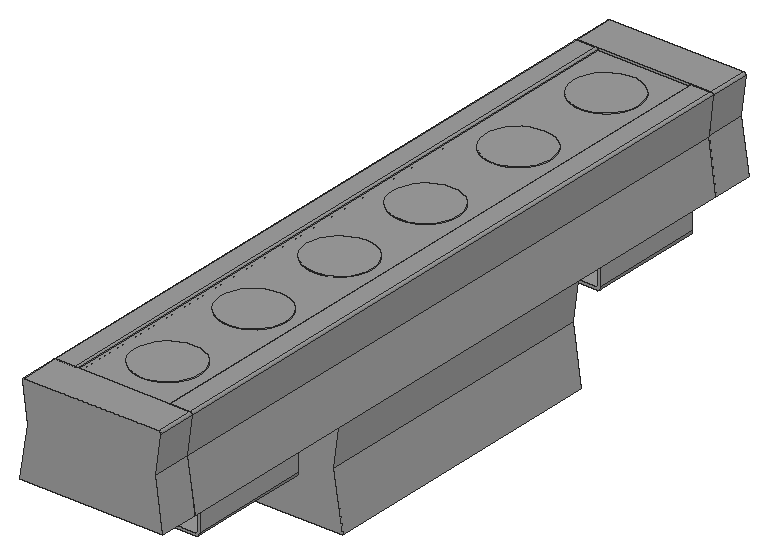
Revit family "SH-1395-20CM", category Lighting Fixtures, Revit 2017
Family settings
  Round Connector Dimension = Use Diameter
  Part Type = Normal
  OmniClass Number = 23.80.70.00
  OmniClass Title = Lighting
  Work Plane-Based = Yes
  Always vertical = No
  Cut with Voids When Loaded = No
  Light Source = No
  Shared = Yes
  Room Calculation Point = No
Parameters (values of type "Sh-1395-6W-20cm(anodized aluminum color-6500K-LED)")
  wattage = 6 W
  instalation = ""
  consumption current = 0.05 A
  color temperature = "6500K"
  color rendering index(CRI) = ""
  Width = 4.2377 cm
  Website = "www.shoaco.com"
  Voltage/Frequency = "230V/50HZ"
  URL = "https://www.shoaco.com/fa/product/%D9%BE%D8%B1%D9%88%DA%98%DA%A9%D8%AA%D9%88%D8%B1-%D9%87%D8%A7/531-%D9%88%D8%A7%D9%84-%D9%88%D8%A7%D8%B4%D8%B1-sh-1395-6LED.html"
  Type medule = "Power LED"
  Protection Class = "Class I"
  Model = "SH-1395-20cm"
  Manufacturer = "SHOA"
  Luminaire Vertical Angle [instance] = 0.00°
  Length = 22.4491 cm
  Lamp = "LED"
  IP = "IP65"
  Height = 7.345 cm
  Flicker = "Free Flicker"
  Default Elevation = 121.92 cm
  Body color = Anodize color
  Body Material = "Aluminum"
  6500K = yes
  3000K = no
  2000K = no
Types (4, lengths in cm): name | color temperature | 6500K | 3000K | 2000K
  (no name) | "6500K" | yes | no | no
  Sh-1395-6W-20cm(anodized aluminum color-2000K-LED) | "2000K" | no | no | yes
  Sh-1395-6W-20cm(anodized aluminum color-3000K-LED) | "3000K" | no | yes | no
  Sh-1395-6W-20cm(anodized aluminum color-6500K-LED) | "6500K" | yes | no | no
Reference planes (cm)
  plane 1 "Light Source Axis (F/B)": y = 0
  plane 2: z = 0
  plane 3 "Light Source Axis (L/R)": x = 0
  plane 4 "Light Source Elevation": z = 137.16
  plane 5: x = -1.2506
  plane 6: x = 2.9871
  plane 7: z = 7.345
Forms (cm)
  Extrusion 1, solid, not visible
    sketch origin (58.7935, 36.7249, 0) x (1, 0, 0) y (0, 1, 0)
      loop
        line (31.2065, 29.2751) -> (-148.7935, 29.2751) -> (-148.7935, -100.7249) -> (31.2065, -100.7249) -> (31.2065, 29.2751)
    from -8 to 0
Dimensions and locks (cm)
  "Width": plane 5 to plane 6
  "Height": plane 7 to Extrusion 1
  "Length": nested 2 to nested 2
  aligned and locked: level to plane 2
  aligned and locked: level to Extrusion 1
Automatic sketch dimensions
  plane 5 to Extrusion 1 sketch curve = 88.7494 cm
  Extrusion 1 sketch curve to plane 6 = 87.0129 cm
  plane 1 "Light Source Axis (F/B)" to Extrusion 1 sketch curve = 64.0 cm
  Extrusion 1 sketch curve to plane 1 "Light Source Axis (F/B)" = 66.0 cm
Nested families (cm)
  nested 1: "1395-20cm.ies" at (0.8637, -8.0428, 8.1187) x (0.0005, 0, -1) z (0, 1, 0), visible <- "2000K", type "1395-20cm-2000K"
  nested 2: "1395-20cm" at (0.8626, 17.0862, 3.5222) x (-1, 0, 0) z (0, 0, 1), Luminaire Vertical Angle <- "Luminaire Vertical Angle", Body color <- "Body color", type "1395-20cm"
    with Luminaire Vertical Angle 0.00°, Body color Anodize color
  nested 3: "1395-20cm.ies" at (0.875, -8.0428, 8.2431) x (0.0005, 0, -1) z (0, 1, 0), visible <- "3000K", type "1395-20cm-3000K"
  nested 4: "1395-20cm.ies" at (0.875, -8.0428, 8.1593) x (0.0005, 0, -1) z (0, 1, 0), visible <- "6500K", type "1395-20cm-6500K"
  nested 5: "1395-20cm.ies" at (0.8637, -8.0428, 8.1187) x (0.0005, 0, -1) z (0, 1, 0), visible <- "2000K", type "1395-20cm-2000K"
  nested 6: "1395-20cm.ies" at (0.875, -8.0428, 8.2431) x (0.0005, 0, -1) z (0, 1, 0), visible <- "3000K", type "1395-20cm-3000K"
  nested 7: "1395-20cm.ies" at (0.875, -8.0428, 8.1593) x (0.0005, 0, -1) z (0, 1, 0), visible <- "6500K", type "1395-20cm-6500K"
  nested 8: "1395-20cm.ies" at (0.8637, -8.0428, 8.1187) x (0.0005, 0, -1) z (0, 1, 0), visible <- "2000K", type "1395-20cm-2000K"
  nested 9: "1395-20cm.ies" at (0.875, -8.0428, 8.2431) x (0.0005, 0, -1) z (0, 1, 0), visible <- "3000K", type "1395-20cm-3000K"
  nested 10: "1395-20cm.ies" at (0.875, -8.0428, 8.1593) x (0.0005, 0, -1) z (0, 1, 0), visible <- "6500K", type "1395-20cm-6500K"
  nested 11: "1395-20cm.ies" at (0.8637, -8.0428, 8.1187) x (0.0005, 0, -1) z (0, 1, 0), visible <- "2000K", type "1395-20cm-2000K"
  nested 12: "1395-20cm.ies" at (0.875, -8.0428, 8.2431) x (0.0005, 0, -1) z (0, 1, 0), visible <- "3000K", type "1395-20cm-3000K"
  nested 13: "1395-20cm.ies" at (0.875, -8.0428, 8.1593) x (0.0005, 0, -1) z (0, 1, 0), visible <- "6500K", type "1395-20cm-6500K"
  nested 14: "1395-20cm.ies" at (0.8637, -8.0428, 8.1187) x (0.0005, 0, -1) z (0, 1, 0), visible <- "2000K", type "1395-20cm-2000K"
  nested 15: "1395-20cm.ies" at (0.875, -8.0428, 8.2431) x (0.0005, 0, -1) z (0, 1, 0), visible <- "3000K", type "1395-20cm-3000K"
  nested 16: "1395-20cm.ies" at (0.875, -8.0428, 8.1593) x (0.0005, 0, -1) z (0, 1, 0), visible <- "6500K", type "1395-20cm-6500K"
  nested 17: "1395-20cm.ies" at (0.8637, -8.0428, 8.1187) x (0.0005, 0, -1) z (0, 1, 0), visible <- "2000K", type "1395-20cm-2000K"
  nested 18: "1395-20cm.ies" at (0.875, -8.0428, 8.2431) x (0.0005, 0, -1) z (0, 1, 0), visible <- "3000K", type "1395-20cm-3000K"
  nested 19: "1395-20cm.ies" at (0.875, -8.0428, 8.1593) x (0.0005, 0, -1) z (0, 1, 0), visible <- "6500K", type "1395-20cm-6500K"
  nested 20: "1395-20cm.ies" at (0.8637, -4.6154, 8.1668) x (0.0005, 0, -1) z (0, 1, 0), visible <- "2000K", type "1395-20cm-2000K"
  nested 21: "1395-20cm.ies" at (0.875, -4.6154, 8.2911) x (0.0005, 0, -1) z (0, 1, 0), visible <- "3000K", type "1395-20cm-3000K"
  nested 22: "1395-20cm.ies" at (0.875, -4.6154, 8.2074) x (0.0005, 0, -1) z (0, 1, 0), visible <- "6500K", type "1395-20cm-6500K"
  nested 23: "1395-20cm.ies" at (0.8637, -4.6154, 8.1668) x (0.0005, 0, -1) z (0, 1, 0), visible <- "2000K", type "1395-20cm-2000K"
  nested 24: "1395-20cm.ies" at (0.875, -4.6154, 8.2911) x (0.0005, 0, -1) z (0, 1, 0), visible <- "3000K", type "1395-20cm-3000K"
  nested 25: "1395-20cm.ies" at (0.875, -4.6154, 8.2074) x (0.0005, 0, -1) z (0, 1, 0), visible <- "6500K", type "1395-20cm-6500K"
  nested 26: "1395-20cm.ies" at (0.8637, -4.6154, 8.1668) x (0.0005, 0, -1) z (0, 1, 0), visible <- "2000K", type "1395-20cm-2000K"
  nested 27: "1395-20cm.ies" at (0.875, -4.6154, 8.2911) x (0.0005, 0, -1) z (0, 1, 0), visible <- "3000K", type "1395-20cm-3000K"
  nested 28: "1395-20cm.ies" at (0.875, -4.6154, 8.2074) x (0.0005, 0, -1) z (0, 1, 0), visible <- "6500K", type "1395-20cm-6500K"
  nested 29: "1395-20cm.ies" at (0.8637, -4.6154, 8.1668) x (0.0005, 0, -1) z (0, 1, 0), visible <- "2000K", type "1395-20cm-2000K"
  nested 30: "1395-20cm.ies" at (0.875, -4.6154, 8.2911) x (0.0005, 0, -1) z (0, 1, 0), visible <- "3000K", type "1395-20cm-3000K"
  nested 31: "1395-20cm.ies" at (0.875, -4.6154, 8.2074) x (0.0005, 0, -1) z (0, 1, 0), visible <- "6500K", type "1395-20cm-6500K"
  nested 32: "1395-20cm.ies" at (0.8637, -4.6154, 8.1668) x (0.0005, 0, -1) z (0, 1, 0), visible <- "2000K", type "1395-20cm-2000K"
  nested 33: "1395-20cm.ies" at (0.875, -4.6154, 8.2911) x (0.0005, 0, -1) z (0, 1, 0), visible <- "3000K", type "1395-20cm-3000K"
  nested 34: "1395-20cm.ies" at (0.875, -4.6154, 8.2074) x (0.0005, 0, -1) z (0, 1, 0), visible <- "6500K", type "1395-20cm-6500K"
  nested 35: "1395-20cm.ies" at (0.8637, -4.6154, 8.1668) x (0.0005, 0, -1) z (0, 1, 0), visible <- "2000K", type "1395-20cm-2000K"
  nested 36: "1395-20cm.ies" at (0.875, -4.6154, 8.2911) x (0.0005, 0, -1) z (0, 1, 0), visible <- "3000K", type "1395-20cm-3000K"
  nested 37: "1395-20cm.ies" at (0.875, -4.6154, 8.2074) x (0.0005, 0, -1) z (0, 1, 0), visible <- "6500K", type "1395-20cm-6500K"
  nested 38: "1395-20cm.ies" at (0.8637, -1.4269, 8.1805) x (0.0005, 0, -1) z (0, 1, 0), visible <- "2000K", type "1395-20cm-2000K"
  nested 39: "1395-20cm.ies" at (0.875, -1.4269, 8.3048) x (0.0005, 0, -1) z (0, 1, 0), visible <- "3000K", type "1395-20cm-3000K"
  nested 40: "1395-20cm.ies" at (0.875, -1.4269, 8.2211) x (0.0005, 0, -1) z (0, 1, 0), visible <- "6500K", type "1395-20cm-6500K"
  nested 41: "1395-20cm.ies" at (0.8637, -1.4269, 8.1805) x (0.0005, 0, -1) z (0, 1, 0), visible <- "2000K", type "1395-20cm-2000K"
  nested 42: "1395-20cm.ies" at (0.875, -1.4269, 8.3048) x (0.0005, 0, -1) z (0, 1, 0), visible <- "3000K", type "1395-20cm-3000K"
  nested 43: "1395-20cm.ies" at (0.875, -1.4269, 8.2211) x (0.0005, 0, -1) z (0, 1, 0), visible <- "6500K", type "1395-20cm-6500K"
  nested 44: "1395-20cm.ies" at (0.8637, -1.4269, 8.1805) x (0.0005, 0, -1) z (0, 1, 0), visible <- "2000K", type "1395-20cm-2000K"
  nested 45: "1395-20cm.ies" at (0.875, -1.4269, 8.3048) x (0.0005, 0, -1) z (0, 1, 0), visible <- "3000K", type "1395-20cm-3000K"
  nested 46: "1395-20cm.ies" at (0.875, -1.4269, 8.2211) x (0.0005, 0, -1) z (0, 1, 0), visible <- "6500K", type "1395-20cm-6500K"
  nested 47: "1395-20cm.ies" at (0.8637, -1.4269, 8.1805) x (0.0005, 0, -1) z (0, 1, 0), visible <- "2000K", type "1395-20cm-2000K"
  nested 48: "1395-20cm.ies" at (0.875, -1.4269, 8.3048) x (0.0005, 0, -1) z (0, 1, 0), visible <- "3000K", type "1395-20cm-3000K"
  nested 49: "1395-20cm.ies" at (0.875, -1.4269, 8.2211) x (0.0005, 0, -1) z (0, 1, 0), visible <- "6500K", type "1395-20cm-6500K"
  nested 50: "1395-20cm.ies" at (0.8637, -1.4269, 8.1805) x (0.0005, 0, -1) z (0, 1, 0), visible <- "2000K", type "1395-20cm-2000K"
  nested 51: "1395-20cm.ies" at (0.875, -1.4269, 8.3048) x (0.0005, 0, -1) z (0, 1, 0), visible <- "3000K", type "1395-20cm-3000K"
  nested 52: "1395-20cm.ies" at (0.875, -1.4269, 8.2211) x (0.0005, 0, -1) z (0, 1, 0), visible <- "6500K", type "1395-20cm-6500K"
  nested 53: "1395-20cm.ies" at (0.8637, -1.4269, 8.1805) x (0.0005, 0, -1) z (0, 1, 0), visible <- "2000K", type "1395-20cm-2000K"
  nested 54: "1395-20cm.ies" at (0.875, -1.4269, 8.3048) x (0.0005, 0, -1) z (0, 1, 0), visible <- "3000K", type "1395-20cm-3000K"
  nested 55: "1395-20cm.ies" at (0.875, -1.4269, 8.2211) x (0.0005, 0, -1) z (0, 1, 0), visible <- "6500K", type "1395-20cm-6500K"
  nested 56: "1395-20cm.ies" at (0.8637, 1.825, 8.1805) x (0.0005, 0, -1) z (0, 1, 0), visible <- "2000K", type "1395-20cm-2000K"
  nested 57: "1395-20cm.ies" at (0.875, 1.825, 8.3048) x (0.0005, 0, -1) z (0, 1, 0), visible <- "3000K", type "1395-20cm-3000K"
  nested 58: "1395-20cm.ies" at (0.875, 1.825, 8.2211) x (0.0005, 0, -1) z (0, 1, 0), visible <- "6500K", type "1395-20cm-6500K"
  nested 59: "1395-20cm.ies" at (0.8637, 1.825, 8.1805) x (0.0005, 0, -1) z (0, 1, 0), visible <- "2000K", type "1395-20cm-2000K"
  nested 60: "1395-20cm.ies" at (0.875, 1.825, 8.3048) x (0.0005, 0, -1) z (0, 1, 0), visible <- "3000K", type "1395-20cm-3000K"
  nested 61: "1395-20cm.ies" at (0.875, 1.825, 8.2211) x (0.0005, 0, -1) z (0, 1, 0), visible <- "6500K", type "1395-20cm-6500K"
  nested 62: "1395-20cm.ies" at (0.8637, 1.825, 8.1805) x (0.0005, 0, -1) z (0, 1, 0), visible <- "2000K", type "1395-20cm-2000K"
  nested 63: "1395-20cm.ies" at (0.875, 1.825, 8.3048) x (0.0005, 0, -1) z (0, 1, 0), visible <- "3000K", type "1395-20cm-3000K"
  nested 64: "1395-20cm.ies" at (0.875, 1.825, 8.2211) x (0.0005, 0, -1) z (0, 1, 0), visible <- "6500K", type "1395-20cm-6500K"
  nested 65: "1395-20cm.ies" at (0.8637, 1.825, 8.1805) x (0.0005, 0, -1) z (0, 1, 0), visible <- "2000K", type "1395-20cm-2000K"
  nested 66: "1395-20cm.ies" at (0.875, 1.825, 8.3048) x (0.0005, 0, -1) z (0, 1, 0), visible <- "3000K", type "1395-20cm-3000K"
  nested 67: "1395-20cm.ies" at (0.875, 1.825, 8.2211) x (0.0005, 0, -1) z (0, 1, 0), visible <- "6500K", type "1395-20cm-6500K"
  nested 68: "1395-20cm.ies" at (0.8637, 1.825, 8.1805) x (0.0005, 0, -1) z (0, 1, 0), visible <- "2000K", type "1395-20cm-2000K"
  nested 69: "1395-20cm.ies" at (0.875, 1.825, 8.3048) x (0.0005, 0, -1) z (0, 1, 0), visible <- "3000K", type "1395-20cm-3000K"
  nested 70: "1395-20cm.ies" at (0.875, 1.825, 8.2211) x (0.0005, 0, -1) z (0, 1, 0), visible <- "6500K", type "1395-20cm-6500K"
  nested 71: "1395-20cm.ies" at (0.8637, 1.825, 8.1805) x (0.0005, 0, -1) z (0, 1, 0), visible <- "2000K", type "1395-20cm-2000K"
  nested 72: "1395-20cm.ies" at (0.875, 1.825, 8.3048) x (0.0005, 0, -1) z (0, 1, 0), visible <- "3000K", type "1395-20cm-3000K"
  nested 73: "1395-20cm.ies" at (0.875, 1.825, 8.2211) x (0.0005, 0, -1) z (0, 1, 0), visible <- "6500K", type "1395-20cm-6500K"
  nested 74: "1395-20cm.ies" at (0.8637, 5.45, 8.1805) x (0.0005, 0, -1) z (0, 1, 0), visible <- "2000K", type "1395-20cm-2000K"
  nested 75: "1395-20cm.ies" at (0.875, 5.45, 8.3048) x (0.0005, 0, -1) z (0, 1, 0), visible <- "3000K", type "1395-20cm-3000K"
  nested 76: "1395-20cm.ies" at (0.875, 5.45, 8.2211) x (0.0005, 0, -1) z (0, 1, 0), visible <- "6500K", type "1395-20cm-6500K"
  nested 77: "1395-20cm.ies" at (0.8637, 5.45, 8.1805) x (0.0005, 0, -1) z (0, 1, 0), visible <- "2000K", type "1395-20cm-2000K"
  nested 78: "1395-20cm.ies" at (0.875, 5.45, 8.3048) x (0.0005, 0, -1) z (0, 1, 0), visible <- "3000K", type "1395-20cm-3000K"
  nested 79: "1395-20cm.ies" at (0.875, 5.45, 8.2211) x (0.0005, 0, -1) z (0, 1, 0), visible <- "6500K", type "1395-20cm-6500K"
  nested 80: "1395-20cm.ies" at (0.8637, 5.45, 8.1805) x (0.0005, 0, -1) z (0, 1, 0), visible <- "2000K", type "1395-20cm-2000K"
  nested 81: "1395-20cm.ies" at (0.875, 5.45, 8.3048) x (0.0005, 0, -1) z (0, 1, 0), visible <- "3000K", type "1395-20cm-3000K"
  nested 82: "1395-20cm.ies" at (0.875, 5.45, 8.2211) x (0.0005, 0, -1) z (0, 1, 0), visible <- "6500K", type "1395-20cm-6500K"
  nested 83: "1395-20cm.ies" at (0.8637, 5.45, 8.1805) x (0.0005, 0, -1) z (0, 1, 0), visible <- "2000K", type "1395-20cm-2000K"
  nested 84: "1395-20cm.ies" at (0.875, 5.45, 8.3048) x (0.0005, 0, -1) z (0, 1, 0), visible <- "3000K", type "1395-20cm-3000K"
  nested 85: "1395-20cm.ies" at (0.875, 5.45, 8.2211) x (0.0005, 0, -1) z (0, 1, 0), visible <- "6500K", type "1395-20cm-6500K"
  nested 86: "1395-20cm.ies" at (0.8637, 5.45, 8.1805) x (0.0005, 0, -1) z (0, 1, 0), visible <- "2000K", type "1395-20cm-2000K"
  nested 87: "1395-20cm.ies" at (0.875, 5.45, 8.3048) x (0.0005, 0, -1) z (0, 1, 0), visible <- "3000K", type "1395-20cm-3000K"
  nested 88: "1395-20cm.ies" at (0.875, 5.45, 8.2211) x (0.0005, 0, -1) z (0, 1, 0), visible <- "6500K", type "1395-20cm-6500K"
  nested 89: "1395-20cm.ies" at (0.8637, 5.45, 8.1805) x (0.0005, 0, -1) z (0, 1, 0), visible <- "2000K", type "1395-20cm-2000K"
  nested 90: "1395-20cm.ies" at (0.875, 5.45, 8.3048) x (0.0005, 0, -1) z (0, 1, 0), visible <- "3000K", type "1395-20cm-3000K"
  nested 91: "1395-20cm.ies" at (0.875, 5.45, 8.2211) x (0.0005, 0, -1) z (0, 1, 0), visible <- "6500K", type "1395-20cm-6500K"
  nested 92: "1395-20cm.ies" at (0.8637, 8.825, 8.1805) x (0.0005, 0, -1) z (0, 1, 0), visible <- "2000K", type "1395-20cm-2000K"
  nested 93: "1395-20cm.ies" at (0.875, 8.825, 8.3048) x (0.0005, 0, -1) z (0, 1, 0), visible <- "3000K", type "1395-20cm-3000K"
  nested 94: "1395-20cm.ies" at (0.875, 8.825, 8.2211) x (0.0005, 0, -1) z (0, 1, 0), visible <- "6500K", type "1395-20cm-6500K"
  nested 95: "1395-20cm.ies" at (0.8637, 8.825, 8.1805) x (0.0005, 0, -1) z (0, 1, 0), visible <- "2000K", type "1395-20cm-2000K"
  nested 96: "1395-20cm.ies" at (0.875, 8.825, 8.3048) x (0.0005, 0, -1) z (0, 1, 0), visible <- "3000K", type "1395-20cm-3000K"
  nested 97: "1395-20cm.ies" at (0.875, 8.825, 8.2211) x (0.0005, 0, -1) z (0, 1, 0), visible <- "6500K", type "1395-20cm-6500K"
  nested 98: "1395-20cm.ies" at (0.8637, 8.825, 8.1805) x (0.0005, 0, -1) z (0, 1, 0), visible <- "2000K", type "1395-20cm-2000K"
  nested 99: "1395-20cm.ies" at (0.875, 8.825, 8.3048) x (0.0005, 0, -1) z (0, 1, 0), visible <- "3000K", type "1395-20cm-3000K"
  nested 100: "1395-20cm.ies" at (0.875, 8.825, 8.2211) x (0.0005, 0, -1) z (0, 1, 0), visible <- "6500K", type "1395-20cm-6500K"
  nested 101: "1395-20cm.ies" at (0.8637, 8.825, 8.1805) x (0.0005, 0, -1) z (0, 1, 0), visible <- "2000K", type "1395-20cm-2000K"
  nested 102: "1395-20cm.ies" at (0.875, 8.825, 8.3048) x (0.0005, 0, -1) z (0, 1, 0), visible <- "3000K", type "1395-20cm-3000K"
  nested 103: "1395-20cm.ies" at (0.875, 8.825, 8.2211) x (0.0005, 0, -1) z (0, 1, 0), visible <- "6500K", type "1395-20cm-6500K"
  nested 104: "1395-20cm.ies" at (0.8637, 8.825, 8.1805) x (0.0005, 0, -1) z (0, 1, 0), visible <- "2000K", type "1395-20cm-2000K"
  nested 105: "1395-20cm.ies" at (0.875, 8.825, 8.3048) x (0.0005, 0, -1) z (0, 1, 0), visible <- "3000K", type "1395-20cm-3000K"
  nested 106: "1395-20cm.ies" at (0.875, 8.825, 8.2211) x (0.0005, 0, -1) z (0, 1, 0), visible <- "6500K", type "1395-20cm-6500K"
  nested 107: "1395-20cm.ies" at (0.8637, 8.825, 8.1805) x (0.0005, 0, -1) z (0, 1, 0), visible <- "2000K", type "1395-20cm-2000K"
  nested 108: "1395-20cm.ies" at (0.875, 8.825, 8.3048) x (0.0005, 0, -1) z (0, 1, 0), visible <- "3000K", type "1395-20cm-3000K"
  nested 109: "1395-20cm.ies" at (0.875, 8.825, 8.2211) x (0.0005, 0, -1) z (0, 1, 0), visible <- "6500K", type "1395-20cm-6500K"
Connectors (cm)
  electrical at (0.8449, 0.5, 1.4559)
    settings: on nested 2, index 1, voltage 230 V, apparent load 0 VA, apparent load phase1 0 VA, apparent load phase2 0 VA, apparent load phase3 0 VA, power factor 1, load classification "Other", number of poles 1, system type 31, power factor state 1, is connector primary yes, connector utility no, sub classification motor no, connector description ""
Definition of nested family "1395-20cm"
  Parameters (values of type "Family2")
    Luminaire Vertical Angle [instance] = 0.00°
    Default Elevation = 121.92 cm
    Body color [instance] = none
  Reference planes (cm)
    plane 1 "Center (Front/Back)": y = 0
    plane 2: z = 0
    plane 3 "Center (Left/Right)": x = 0
  Forms (cm)
    Extrusion 1, solid, not visible
      sketch origin (0, 0, 0) x (1, 0, 0) y (0, 1, 0)
        loop
          line (50, 70.5415) -> (-50, 70.5415) -> (-50, -41.4585) -> (50, -41.4585) -> (50, 70.5415)
      from 0 to -7.867
    Extrusion 2, solid, material <- "Body color"
      sketch origin (0.0283, 0, 27.9287) x (-0.000455, 0, -1) y (1, 0, -0.000455)
        loop
          line (26.9927, 1.965) -> (26.9927, 2.201) -> (25.4269, 1.9786) -> (24.26, 2.1282)
          arc (24.26, 2.1282) -> (24.2021, 2.1105) -> (24.1771, 2.0553) r 0.0735
          line (24.1771, 2.0553) -> (24.1771, 1.4818)
          arc (24.1771, 1.4818) -> (24.1926, 1.4443) -> (24.2301, 1.4288) r 0.053
          line (24.2301, 1.4288) -> (24.3275, 1.4288)
          arc (24.3275, 1.4288) -> (24.3701, 1.4464) -> (24.3878, 1.489) r 0.0603
          line (24.3878, 1.489) -> (24.3878, 1.5758) -> (24.2888, 1.6376) -> (24.303, 1.7275) -> (24.7028, 1.7275) -> (25.025, 1.7275)
          arc (25.025, 1.7275) -> (25.0623, 1.7121) -> (25.0778, 1.6748) r 0.0528
          line (25.0778, 1.6748) -> (25.0778, 1.5075) -> (24.9378, 1.5075) -> (24.9378, 1.3775) -> (26.2978, 1.3775) -> (26.2978, 1.5075) -> (26.4976, 1.5075)
          arc (26.4976, 1.5075) -> (26.5331, 1.4929) -> (26.5478, 1.4574) r 0.0501
          line (26.5478, 1.4574) -> (26.5478, 0.0075) -> (26.5478, -1.4423)
          arc (26.5478, -1.4423) -> (26.5331, -1.4778) -> (26.4976, -1.4925) r 0.0501
          line (26.4976, -1.4925) -> (26.2978, -1.4925) -> (26.2978, -1.3625) -> (24.9378, -1.3625) -> (24.9378, -1.4925) -> (25.0778, -1.4925) -> (25.0778, -1.6597)
          arc (25.0778, -1.6597) -> (25.0623, -1.697) -> (25.025, -1.7125) r 0.0528
          line (25.025, -1.7125) -> (24.7028, -1.7125) -> (24.303, -1.7125) -> (24.2888, -1.6225) -> (24.3878, -1.5607) -> (24.3878, -1.474)
          arc (24.3878, -1.474) -> (24.3701, -1.4313) -> (24.3275, -1.4137) r 0.0603
          line (24.3275, -1.4137) -> (24.2301, -1.4137)
          arc (24.2301, -1.4137) -> (24.1926, -1.4292) -> (24.1771, -1.4667) r 0.053
          line (24.1771, -1.4667) -> (24.1771, -2.0402)
          arc (24.1771, -2.0402) -> (24.2021, -2.0954) -> (24.26, -2.1132) r 0.0735
          line (24.26, -2.1132) -> (25.4269, -1.9635) -> (26.9927, -2.1859) -> (26.9927, -1.9499) -> (26.6878, -1.9066) -> (26.6878, -1.8073)
          arc (26.6878, -1.8073) -> (26.6463, -1.7538) -> (26.5841, -1.7806) r 0.0553
          arc (26.5841, -1.7806) -> (26.4628, -1.8346) -> (26.3779, -1.7326) r 0.11
          arc (26.3779, -1.7326) -> (26.4468, -1.6253) -> (26.5708, -1.6553) r 0.11
          arc (26.5708, -1.6553) -> (26.6444, -1.6741) -> (26.6878, -1.6116) r 0.0666
          line (26.6878, -1.6116) -> (26.6878, -1.4707)
          arc (26.6878, -1.4707) -> (26.7048, -1.4295) -> (26.746, -1.4125) r 0.0583
          line (26.746, -1.4125) -> (26.8353, -1.4125)
          arc (26.8353, -1.4125) -> (26.8729, -1.428) -> (26.8885, -1.4657) r 0.0532
          line (26.8885, -1.4657) -> (26.8885, -1.5901)
          arc (26.8885, -1.5901) -> (26.9396, -1.6411) -> (26.9907, -1.5901) r 0.0511
          line (26.9907, -1.5901) -> (26.9907, -1.234)
          arc (26.9907, -1.234) -> (26.9756, -1.1976) -> (26.9391, -1.1825) r 0.0516
          line (26.9391, -1.1825) -> (26.7278, -1.1825)
          arc (26.7278, -1.1825) -> (26.6678, -1.1225) -> (26.7278, -1.0625) r 0.06
          line (26.7278, -1.0625) -> (26.9465, -1.0625)
          arc (26.9465, -1.0625) -> (26.9915, -1.0175) -> (26.9465, -0.9725) r 0.045
          line (26.9465, -0.9725) -> (26.7278, -0.9725)
          arc (26.7278, -0.9725) -> (26.6678, -0.9125) -> (26.7278, -0.8525) r 0.06
          line (26.7278, -0.8525) -> (26.9543, -0.8525)
          arc (26.9543, -0.8525) -> (26.9993, -0.8075) -> (26.9543, -0.7625) r 0.045
          line (26.9543, -0.7625) -> (26.7278, -0.7625)
          arc (26.7278, -0.7625) -> (26.6678, -0.7025) -> (26.7278, -0.6425) r 0.06
          line (26.7278, -0.6425) -> (26.9465, -0.6425)
          arc (26.9465, -0.6425) -> (26.9915, -0.5975) -> (26.9465, -0.5525) r 0.045
          line (26.9465, -0.5525) -> (26.7278, -0.5525)
          arc (26.7278, -0.5525) -> (26.6678, -0.4925) -> (26.7278, -0.4325) r 0.06
          line (26.7278, -0.4325) -> (26.9379, -0.4325)
          arc (26.9379, -0.4325) -> (26.9747, -0.4172) -> (26.9899, -0.3804) r 0.052
          line (26.9899, -0.3804) -> (26.9899, 0.0075) -> (26.9899, 0.3955)
          arc (26.9899, 0.3955) -> (26.9747, 0.4323) -> (26.9379, 0.4475) r 0.052
          line (26.9379, 0.4475) -> (26.7278, 0.4475)
          arc (26.7278, 0.4475) -> (26.6678, 0.5075) -> (26.7278, 0.5675) r 0.06
          line (26.7278, 0.5675) -> (26.9543, 0.5675)
          arc (26.9543, 0.5675) -> (26.9993, 0.6125) -> (26.9543, 0.6575) r 0.045
          line (26.9543, 0.6575) -> (26.7278, 0.6575)
          arc (26.7278, 0.6575) -> (26.6678, 0.7175) -> (26.7278, 0.7775) r 0.06
          line (26.7278, 0.7775) -> (26.9465, 0.7775)
          arc (26.9465, 0.7775) -> (26.9915, 0.8225) -> (26.9465, 0.8675) r 0.045
          line (26.9465, 0.8675) -> (26.7278, 0.8675)
          arc (26.7278, 0.8675) -> (26.6678, 0.9275) -> (26.7278, 0.9875) r 0.06
          line (26.7278, 0.9875) -> (26.9543, 0.9875)
          arc (26.9543, 0.9875) -> (26.9993, 1.0325) -> (26.9543, 1.0775) r 0.045
          line (26.9543, 1.0775) -> (26.7278, 1.0775)
          arc (26.7278, 1.0775) -> (26.6678, 1.1375) -> (26.7278, 1.1975) r 0.06
          line (26.7278, 1.1975) -> (26.9391, 1.1975)
          arc (26.9391, 1.1975) -> (26.9756, 1.2126) -> (26.9907, 1.2491) r 0.0516
          line (26.9907, 1.2491) -> (26.9907, 1.6051)
          arc (26.9907, 1.6051) -> (26.9396, 1.6562) -> (26.8885, 1.6051) r 0.0511
          line (26.8885, 1.6051) -> (26.8885, 1.4808)
          arc (26.8885, 1.4808) -> (26.8729, 1.4431) -> (26.8353, 1.4275) r 0.0532
          line (26.8353, 1.4275) -> (26.746, 1.4275)
          arc (26.746, 1.4275) -> (26.7048, 1.4446) -> (26.6878, 1.4858) r 0.0583
          line (26.6878, 1.4858) -> (26.6878, 1.6267)
          arc (26.6878, 1.6267) -> (26.6444, 1.6892) -> (26.5708, 1.6704) r 0.0666
          arc (26.5708, 1.6704) -> (26.4468, 1.6404) -> (26.3779, 1.7477) r 0.11
          arc (26.3779, 1.7477) -> (26.4628, 1.8497) -> (26.5841, 1.7957) r 0.11
          arc (26.5841, 1.7957) -> (26.6463, 1.7688) -> (26.6878, 1.8224) r 0.0553
          line (26.6878, 1.8224) -> (26.6878, 1.9217) -> (26.9983, 1.9658)
      from -26.8082 to -6.8063
    Extrusion 3, solid, material <- "Body color"
      sketch origin (0.0283, 0, 27.9287) x (-0.000455, 0, -1) y (1, 0, -0.000455)
        loop
          line (24.9378, -1.4925) -> (24.9378, 1.5075) -> (24.8466, 1.5075) -> (24.8466, -1.4925) -> (24.9378, -1.4925)
      from -6.8063 to -26.8082
    Extrusion 4, solid, material <- "Body color"
      sketch origin (0.0283, 0, 27.9287) x (-0.000455, 0, -1) y (1, 0, -0.000455)
        loop
          line (24.2301, 1.4288) -> (24.2301, -1.4137) -> (24.3275, -1.4137) -> (24.3275, 1.4288) -> (24.2301, 1.4288)
      from -6.8063 to -26.8082
    Extrusion 5, solid, material <- "Body color"
      sketch origin (0.0283, 0, 27.9287) x (-0.000455, 0, -1) y (1, 0, -0.000455)
        loop
          line (26.8366, -1.5373) -> (26.7566, -1.5373) -> (26.7566, -1.7172)
          arc (26.7566, -1.7172) -> (26.7952, -1.8104) -> (26.8884, -1.849) r 0.1318
          line (26.8884, -1.849) -> (27.8524, -1.849)
          arc (27.8524, -1.849) -> (27.9454, -1.8105) -> (27.9839, -1.7175) r 0.1315
          line (27.9839, -1.7175) -> (27.9839, -0.2396)
          arc (27.9839, -0.2396) -> (28.1337, -0.1536) -> (28.2155, -0.0016) r 0.3148
          arc (28.2155, -0.0016) -> (28.1337, 0.1504) -> (27.9839, 0.2364) r 0.3148
          line (27.9839, 0.2364) -> (27.9839, 1.6752)
          arc (27.9839, 1.6752) -> (27.9454, 1.7682) -> (27.8524, 1.8067) r 0.1315
          line (27.8524, 1.8067) -> (26.8884, 1.8067)
          arc (26.8884, 1.8067) -> (26.7952, 1.7681) -> (26.7566, 1.6749) r 0.1318
          line (26.7566, 1.6749) -> (26.7566, 1.5373) -> (26.8366, 1.5373) -> (26.8366, 1.6749)
          arc (26.8366, 1.6749) -> (26.8518, 1.7115) -> (26.8884, 1.7267) r 0.0518
          line (26.8884, 1.7267) -> (27.8524, 1.7267)
          arc (27.8524, 1.7267) -> (27.8889, 1.7116) -> (27.9039, 1.6752) r 0.0515
          line (27.9039, 1.6752) -> (27.9039, 0.2207)
          arc (27.9039, 0.2207) -> (27.9177, 0.1823) -> (27.9528, 0.1614) r 0.0604
          arc (27.9528, 0.1614) -> (28.0656, 0.105) -> (28.1329, -0.0016) r 0.2348
          arc (28.1329, -0.0016) -> (28.0656, -0.1082) -> (27.9528, -0.1646) r 0.2348
          arc (27.9528, -0.1646) -> (27.9177, -0.1855) -> (27.9039, -0.2239) r 0.0604
          line (27.9039, -0.2239) -> (27.9039, -1.7175)
          arc (27.9039, -1.7175) -> (27.8889, -1.754) -> (27.8524, -1.769) r 0.0515
          line (27.8524, -1.769) -> (26.8884, -1.769)
          arc (26.8884, -1.769) -> (26.8518, -1.7539) -> (26.8366, -1.7172) r 0.0518
          line (26.8366, -1.7172) -> (26.8366, -1.5373)
      from -10.7884 to -7.2801
    Extrusion 6, solid, material <- "Body color"
      sketch origin (0.0283, 0, 27.9287) x (-0.000455, 0, -1) y (1, 0, -0.000455)
        loop
          arc (24.26, 2.1245) -> (24.2021, 2.1068) -> (24.1771, 2.0516) r 0.0735
          line (24.1771, 2.0516) -> (24.1771, -2.04)
          arc (24.1771, -2.04) -> (24.2021, -2.0952) -> (24.26, -2.1129) r 0.0735
          line (24.26, -2.1129) -> (25.4126, -1.9651) -> (26.9996, -2.1906) -> (26.9996, 2.1965) -> (25.4336, 1.974) -> (24.26, 2.1245)
      from -6.8063 to -5.5568
    Extrusion 7, solid, material <- "Body color"
      sketch origin (0.0283, 0, 27.9287) x (-0.000455, 0, -1) y (1, 0, -0.000455)
        loop
          line (24.1771, 2.0553) -> (24.1771, -2.0402)
          arc (24.1771, -2.0402) -> (24.2021, -2.0954) -> (24.26, -2.1132) r 0.0735
          line (24.26, -2.1132) -> (25.4269, -1.9635) -> (26.9996, -2.1869) -> (26.9996, 2.202) -> (25.4269, 1.9786) -> (24.26, 2.1282)
          arc (24.26, 2.1282) -> (24.2021, 2.1105) -> (24.1771, 2.0553) r 0.0735
      from -28.0059 to -26.8082
    Extrusion 8, solid
      sketch origin (1.4461, 0, 3.6979) x (-1, 0, 0.000455) y (0, -1, 0)
        loop
          circle (1.4738, -8.3339) r 1
      from -0.3052 to 0.0069
    Extrusion 9, solid
      sketch origin (1.4461, 0, 3.6979) x (-1, 0, 0.000455) y (0, -1, 0)
        loop
          circle (1.4738, -25.1607) r 1
      from -0.3052 to 0.0069
    Extrusion 10, solid, material <- "Body color"
      sketch origin (0.0283, 0, 27.9287) x (-0.000455, 0, -1) y (1, 0, -0.000455)
        loop
          line (26.9899, 2.0516) -> (26.9899, -2.04)
          arc (26.9899, -2.04) -> (27.0149, -2.0952) -> (27.0728, -2.1129) r 0.0735
          line (27.0728, -2.1129) -> (28.2254, -1.9651) -> (29.9949, -2.2165) -> (29.9949, 2.2224) -> (28.2464, 1.974) -> (27.0728, 2.1245)
          arc (27.0728, 2.1245) -> (27.0149, 2.1068) -> (26.9899, 2.0516) r 0.0735
      from -21.1666 to -12.0059
    Extrusion 11, solid, material <- "Body color"
      sketch origin (0.0283, 0, 27.9287) x (-0.000455, 0, -1) y (1, 0, -0.000455)
        loop
          line (26.8366, -1.5373) -> (26.7566, -1.5373) -> (26.7566, -1.7172)
          arc (26.7566, -1.7172) -> (26.7952, -1.8104) -> (26.8884, -1.849) r 0.1318
          line (26.8884, -1.849) -> (27.8547, -1.849)
          arc (27.8547, -1.849) -> (27.9477, -1.8105) -> (27.9862, -1.7175) r 0.1315
          line (27.9862, -1.7175) -> (27.9862, -0.238)
          arc (27.9862, -0.238) -> (28.136, -0.152) -> (28.2178, 0) r 0.3148
          arc (28.2178, 0) -> (28.136, 0.152) -> (27.9862, 0.238) r 0.3148
          line (27.9862, 0.238) -> (27.9862, 1.6752)
          arc (27.9862, 1.6752) -> (27.9477, 1.7682) -> (27.8547, 1.8067) r 0.1315
          line (27.8547, 1.8067) -> (26.8884, 1.8067)
          arc (26.8884, 1.8067) -> (26.7952, 1.7681) -> (26.7566, 1.6749) r 0.1318
          line (26.7566, 1.6749) -> (26.7566, 1.5373) -> (26.8366, 1.5373) -> (26.8366, 1.6749)
          arc (26.8366, 1.6749) -> (26.8518, 1.7115) -> (26.8884, 1.7267) r 0.0518
          line (26.8884, 1.7267) -> (27.8547, 1.7267)
          arc (27.8547, 1.7267) -> (27.8912, 1.7116) -> (27.9062, 1.6752) r 0.0515
          line (27.9062, 1.6752) -> (27.9062, 0.2223)
          arc (27.9062, 0.2223) -> (27.92, 0.1839) -> (27.9551, 0.163) r 0.0604
          arc (27.9551, 0.163) -> (28.0679, 0.1066) -> (28.1352, 0) r 0.2348
          arc (28.1352, 0) -> (28.0679, -0.1066) -> (27.9551, -0.163) r 0.2348
          arc (27.9551, -0.163) -> (27.92, -0.1839) -> (27.9062, -0.2223) r 0.0604
          line (27.9062, -0.2223) -> (27.9062, -1.7175)
          arc (27.9062, -1.7175) -> (27.8912, -1.754) -> (27.8547, -1.769) r 0.0515
          line (27.8547, -1.769) -> (26.8884, -1.769)
          arc (26.8884, -1.769) -> (26.8518, -1.7539) -> (26.8366, -1.7172) r 0.0518
          line (26.8366, -1.7172) -> (26.8366, -1.5373)
      from -26.1557 to -22.4238
    Extrusion 12, solid
      sketch origin (1.4461, 0, 3.6979) x (-1, 0, 0.000455) y (0, -1, 0)
        loop
          circle (1.4738, -21.8587) r 1
      from -0.3052 to 0.0069
    Extrusion 13, solid
      sketch origin (1.4461, 0, 3.6979) x (-1, 0, 0.000455) y (0, -1, 0)
        loop
          circle (1.4738, -18.5586) r 1
      from -0.3052 to 0.0069
    Extrusion 14, solid
      sketch origin (1.4461, 0, 3.6979) x (-1, 0, 0.000455) y (0, -1, 0)
        loop
          circle (1.4738, -15.2584) r 1
      from -0.3052 to 0.0069
    Extrusion 15, solid
      sketch origin (1.4461, 0, 3.6979) x (-1, 0, 0.000455) y (0, -1, 0)
        loop
          circle (1.4738, -11.7083) r 1
      from -0.3052 to 0.0069
  Lines and regions (cm)
    reference lines
      curve 1: line (28, 0, 0) -> (0, 0, 0)
  Dimensions and locks (cm)
    "Luminaire Vertical Angle": angle level to curve 1
    aligned and locked: plane 2 to level
    aligned and locked: level to Extrusion 1
    aligned and locked: plane 2 to Extrusion 1
    aligned and locked: curve 1 to Extrusion 1
  Automatic sketch dimensions
    Extrusion 1 sketch curve to plane 3 "Center (Left/Right)" = 50.0 cm
    plane 3 "Center (Left/Right)" to Extrusion 1 sketch curve = 50.0 cm
    plane 1 "Center (Front/Back)" to Extrusion 1 sketch curve = 41.4585 cm
    Extrusion 1 sketch curve to plane 1 "Center (Front/Back)" = 70.5415 cm
    Extrusion 2 sketch curve to Extrusion 2 sketch curve = 0.0 cm  (x12)
    Extrusion 2 sketch curve to curve 1 = 3.7516 cm  (x2)
    Extrusion 2 sketch curve to Extrusion 2 sketch curve = 0.053 cm  (x2)
    Extrusion 2 sketch curve to Extrusion 2 sketch curve = 0.0735 cm  (x2)
    Extrusion 2 sketch curve to Extrusion 2 sketch curve = 0.0093 cm  (x2)
    Extrusion 2 sketch curve to Extrusion 2 sketch curve = 0.0587 cm  (x2)
    Extrusion 2 sketch curve to Extrusion 2 sketch curve = 0.0142 cm  (x2)
    Extrusion 2 sketch curve to Extrusion 2 sketch curve = 0.0974 cm  (x2)
    Extrusion 2 sketch curve to Extrusion 2 sketch curve = 0.0603 cm  (x2)
    Extrusion 2 sketch curve to Extrusion 2 sketch curve = 0.315 cm  (x2)
    Extrusion 2 sketch curve to Extrusion 2 sketch curve = 0.235 cm  (x2)
    Extrusion 2 sketch curve to Extrusion 2 sketch curve = 0.0872 cm  (x2)
    Extrusion 2 sketch curve to Extrusion 2 sketch curve = 0.14 cm  (x2)
    Extrusion 2 sketch curve to Extrusion 2 sketch curve = 0.0528 cm
    Extrusion 2 sketch curve to Extrusion 2 sketch curve = 0.3492 cm  (x2)
    Extrusion 2 sketch curve to Extrusion 2 sketch curve = 0.8708 cm
    Extrusion 2 sketch curve to curve 1 = 1.6309 cm
    Extrusion 2 sketch curve to Extrusion 2 sketch curve = 0.19 cm  (x2)
    Extrusion 2 sketch curve to Extrusion 2 sketch curve = 0.1999 cm  (x2)
    Extrusion 2 sketch curve to Extrusion 2 sketch curve = 0.0501 cm
    Extrusion 2 sketch curve to Extrusion 2 sketch curve = 0.1235 cm  (x2)
    Extrusion 2 sketch curve to Extrusion 2 sketch curve = 0.1447 cm  (x2)
    Extrusion 2 sketch curve to Extrusion 2 sketch curve = 0.0666 cm
    Extrusion 2 sketch curve to Extrusion 2 sketch curve = 0.0553 cm  (x2)
    Extrusion 2 sketch curve to curve 1 = 1.2009 cm  (x2)
    Extrusion 2 sketch curve to Extrusion 2 sketch curve = 0.04 cm
    Extrusion 2 sketch curve to Extrusion 2 sketch curve = 0.0583 cm  (x2)
    Extrusion 2 sketch curve to Extrusion 2 sketch curve = 0.0892 cm  (x2)
    Extrusion 2 sketch curve to Extrusion 2 sketch curve = 0.0532 cm  (x2)
    Extrusion 2 sketch curve to Extrusion 2 sketch curve = 0.2102 cm  (x2)
    Extrusion 2 sketch curve to Extrusion 2 sketch curve = 0.2114 cm  (x2)
    Extrusion 2 sketch curve to Extrusion 2 sketch curve = 0.0511 cm  (x2)
    Extrusion 2 sketch curve to Extrusion 2 sketch curve = 0.0086 cm
    Extrusion 2 sketch curve to curve 1 = 0.9822 cm
    Extrusion 2 sketch curve to Extrusion 2 sketch curve = 0.2187 cm
    Extrusion 2 sketch curve to curve 1 = 0.9744 cm
    Extrusion 2 sketch curve to Extrusion 2 sketch curve = 0.0078 cm  (x2)
    Extrusion 2 sketch curve to Extrusion 2 sketch curve = 0.052 cm
    Extrusion 2 sketch curve to Extrusion 2 sketch curve = 0.3049 cm  (x2)
    Extrusion 2 sketch curve to curve 1 = 2.1703 cm
    Extrusion 2 sketch curve to curve 1 = 2.0975 cm
    Extrusion 2 sketch curve to curve 1 = 1.9479 cm
    Extrusion 2 sketch curve to Extrusion 2 sketch curve = 0.236 cm  (x2)
    Extrusion 2 sketch curve to Extrusion 2 sketch curve = 0.0433 cm
    Extrusion 2 sketch curve to Extrusion 2 sketch curve = 0.0993 cm  (x2)
    Extrusion 2 sketch curve to Extrusion 2 sketch curve = 0.0798 cm
    Extrusion 2 sketch curve to Extrusion 2 sketch curve = 0.3278 cm  (x2)
    Extrusion 2 sketch curve to Extrusion 2 sketch curve = 0.0899 cm
    Extrusion 2 sketch curve to Extrusion 2 sketch curve = 0.1956 cm
    Extrusion 2 sketch curve to Extrusion 2 sketch curve = 0.0216 cm
    Extrusion 2 sketch curve to Extrusion 2 sketch curve = 0.0618 cm  (x2)
    Extrusion 2 sketch curve to Extrusion 2 sketch curve = 0.1672 cm  (x2)
    Extrusion 2 sketch curve to Extrusion 2 sketch curve = 0.1192 cm
    Extrusion 2 sketch curve to Extrusion 2 sketch curve = 0.0867 cm  (x2)
    Extrusion 2 sketch curve to Extrusion 2 sketch curve = 0.1409 cm  (x2)
    Extrusion 2 sketch curve to Extrusion 2 sketch curve = 0.13 cm  (x2)
    Extrusion 2 sketch curve to Extrusion 2 sketch curve = 0.1784 cm  (x2)
    Extrusion 2 sketch curve to Extrusion 2 sketch curve = 0.06 cm  (x7)
    Extrusion 2 sketch curve to Extrusion 2 sketch curve = 0.045 cm  (x6)
    Extrusion 2 sketch curve to curve 1 = 0.8968 cm
    Extrusion 2 sketch curve to Extrusion 2 sketch curve = 0.388 cm  (x2)
    Extrusion 2 sketch curve to Extrusion 2 sketch curve = 0.18 cm
    Extrusion 2 sketch curve to Extrusion 2 sketch curve = 0.0512 cm
    Extrusion 2 sketch curve to Extrusion 2 sketch curve = 0.0284 cm
    Extrusion 2 sketch curve to Extrusion 2 sketch curve = 0.1244 cm
    Extrusion 2 sketch curve to Extrusion 2 sketch curve = 0.1158 cm
    Extrusion 2 sketch curve to Extrusion 2 sketch curve = 0.1519 cm
    Extrusion 2 sketch curve to Extrusion 2 sketch curve = 0.3039 cm
    Extrusion 2 sketch curve to Extrusion 2 sketch curve = 0.2794 cm
    Extrusion 2 sketch curve to Extrusion 2 sketch curve = 0.1099 cm  (x2)
    Extrusion 2 sketch curve to Extrusion 2 sketch curve = 0.0056 cm
    Extrusion 3 sketch curve to curve 1 = 3.082 cm
    Extrusion 3 sketch curve to Extrusion 3 sketch curve = 0.0911 cm
    Extrusion 3 sketch curve to curve 1 = 1.4768 cm
    curve 1 to Extrusion 3 sketch curve = 1.5232 cm
    Extrusion 4 sketch curve to curve 1 = 3.6986 cm
    Extrusion 4 sketch curve to Extrusion 4 sketch curve = 0.0974 cm
    Extrusion 4 sketch curve to curve 1 = 1.3981 cm
    curve 1 to Extrusion 4 sketch curve = 1.4444 cm
    Extrusion 5 sketch curve to Extrusion 5 sketch curve = 0.0 cm  (x15)
    Extrusion 5 sketch curve to curve 1 = 1.1721 cm  (x2)
    Extrusion 5 sketch curve to Extrusion 5 sketch curve = 0.08 cm  (x2)
    Extrusion 5 sketch curve to Extrusion 5 sketch curve = 0.0518 cm  (x2)
    Extrusion 5 sketch curve to curve 1 = 0.0763 cm
    Extrusion 5 sketch curve to Extrusion 5 sketch curve = 0.964 cm
    Extrusion 5 sketch curve to Extrusion 5 sketch curve = 0.0515 cm  (x2)
    Extrusion 5 sketch curve to Extrusion 5 sketch curve = 0.0041 cm
    Extrusion 5 sketch curve to Extrusion 5 sketch curve = 0.0196 cm  (x2)
    Extrusion 5 sketch curve to curve 1 = 1.8334 cm
    Extrusion 5 sketch curve to Extrusion 5 sketch curve = 0.18 cm
    Extrusion 5 sketch curve to curve 1 = 0.224 cm
    Extrusion 5 sketch curve to Extrusion 5 sketch curve = 0.0157 cm  (x2)
    Extrusion 5 sketch curve to Extrusion 5 sketch curve = 0.1548 cm  (x2)
    Extrusion 5 sketch curve to Extrusion 5 sketch curve = 0.135 cm
    Extrusion 5 sketch curve to Extrusion 5 sketch curve = 1.3166 cm
    Extrusion 5 sketch curve to Extrusion 5 sketch curve = 0.1376 cm
    Extrusion 6 sketch curve to curve 1 = 3.7516 cm
    Extrusion 6 sketch curve to Extrusion 6 sketch curve = 0.0735 cm  (x2)
    Extrusion 6 sketch curve to Extrusion 6 sketch curve = 0.0093 cm  (x2)
    Extrusion 6 sketch curve to curve 1 = 2.5161 cm
    Extrusion 6 sketch curve to Extrusion 6 sketch curve = 1.1736 cm
    Extrusion 6 sketch curve to Extrusion 6 sketch curve = 1.566 cm
    Extrusion 6 sketch curve to curve 1 = 2.1749 cm
    Extrusion 6 sketch curve to curve 1 = 2.0973 cm
    Extrusion 6 sketch curve to curve 1 = 1.9495 cm
    curve 1 to Extrusion 6 sketch curve = 1.9897 cm
    Extrusion 6 sketch curve to Extrusion 6 sketch curve = 0.0775 cm
    Extrusion 6 sketch curve to Extrusion 6 sketch curve = 0.2224 cm
    Extrusion 7 sketch curve to curve 1 = 3.7516 cm
    Extrusion 7 sketch curve to Extrusion 7 sketch curve = 0.0735 cm  (x2)
    Extrusion 7 sketch curve to Extrusion 7 sketch curve = 0.0093 cm  (x2)
    Extrusion 7 sketch curve to Extrusion 7 sketch curve = 1.1669 cm
    Extrusion 7 sketch curve to curve 1 = 2.5018 cm
    Extrusion 7 sketch curve to curve 1 = 0.9291 cm
    Extrusion 7 sketch curve to curve 1 = 2.1713 cm
    Extrusion 7 sketch curve to curve 1 = 2.0975 cm
    Extrusion 7 sketch curve to curve 1 = 1.9479 cm
    curve 1 to Extrusion 7 sketch curve = 1.9943 cm
    Extrusion 7 sketch curve to Extrusion 7 sketch curve = 0.0767 cm
    Extrusion 7 sketch curve to Extrusion 7 sketch curve = 0.2234 cm
    Extrusion 4 to Extrusion 8 sketch curve = 1.3687 cm
    Extrusion 4 to Extrusion 8 sketch curve = 1.5276 cm
    Extrusion 4 to Extrusion 9 sketch curve = 1.3687 cm
    Extrusion 4 to Extrusion 9 sketch curve = 1.6474 cm
    Extrusion 10 sketch curve to curve 1 = 0.9387 cm
    Extrusion 10 sketch curve to Extrusion 10 sketch curve = 0.0735 cm  (x2)
    Extrusion 10 sketch curve to Extrusion 10 sketch curve = 0.0093 cm  (x2)
    curve 1 to Extrusion 10 sketch curve = 0.2967 cm
    Extrusion 10 sketch curve to Extrusion 10 sketch curve = 1.1736 cm
    Extrusion 10 sketch curve to Extrusion 10 sketch curve = 1.7485 cm
    Extrusion 10 sketch curve to curve 1 = 2.2009 cm
    Extrusion 10 sketch curve to curve 1 = 2.0973 cm
    Extrusion 10 sketch curve to curve 1 = 1.9495 cm
    curve 1 to Extrusion 10 sketch curve = 1.9897 cm
    Extrusion 10 sketch curve to Extrusion 10 sketch curve = 0.0775 cm
    Extrusion 10 sketch curve to Extrusion 10 sketch curve = 0.2484 cm
    Extrusion 11 sketch curve to Extrusion 11 sketch curve = 0.0 cm  (x15)
    Extrusion 11 sketch curve to curve 1 = 1.1721 cm  (x2)
    Extrusion 11 sketch curve to Extrusion 11 sketch curve = 0.08 cm  (x2)
    Extrusion 11 sketch curve to Extrusion 11 sketch curve = 0.0518 cm  (x2)
    Extrusion 11 sketch curve to curve 1 = 0.074 cm
    Extrusion 11 sketch curve to Extrusion 11 sketch curve = 0.9663 cm
    Extrusion 11 sketch curve to Extrusion 11 sketch curve = 0.0515 cm  (x2)
    Extrusion 11 sketch curve to Extrusion 11 sketch curve = 0.0041 cm
    Extrusion 11 sketch curve to Extrusion 11 sketch curve = 0.0196 cm  (x2)
    Extrusion 11 sketch curve to curve 1 = 1.8334 cm
    Extrusion 11 sketch curve to Extrusion 11 sketch curve = 0.18 cm
    Extrusion 11 sketch curve to curve 1 = 0.2224 cm
    Extrusion 11 sketch curve to Extrusion 11 sketch curve = 0.0157 cm  (x2)
    Extrusion 11 sketch curve to Extrusion 11 sketch curve = 0.1548 cm  (x2)
    Extrusion 11 sketch curve to Extrusion 11 sketch curve = 0.135 cm
    Extrusion 11 sketch curve to Extrusion 11 sketch curve = 1.315 cm
    Extrusion 11 sketch curve to Extrusion 11 sketch curve = 0.1376 cm
    Extrusion 4 to Extrusion 12 sketch curve = 1.3687 cm
    Extrusion 4 to Extrusion 12 sketch curve = 4.9495 cm
    Extrusion 4 to Extrusion 13 sketch curve = 1.3687 cm
    Extrusion 4 to Extrusion 13 sketch curve = 8.2496 cm
    Extrusion 4 to Extrusion 14 sketch curve = 1.3687 cm
    Extrusion 4 to Extrusion 14 sketch curve = 8.4522 cm
    Extrusion 4 to Extrusion 15 sketch curve = 1.3687 cm
    Extrusion 4 to Extrusion 15 sketch curve = 4.902 cm
    curve 1 to level = 0.0 cm
    curve 1 to plane 3 "Center (Left/Right)" = 0.0 cm
    radius of Extrusion 8 sketch curve = 1.0 cm
    radius of Extrusion 9 sketch curve = 1.0 cm
    radius of Extrusion 12 sketch curve = 1.0 cm
    radius of Extrusion 13 sketch curve = 1.0 cm
    radius of Extrusion 14 sketch curve = 1.0 cm
    radius of Extrusion 15 sketch curve = 1.0 cm
Definition of nested family "1395-20cm.ies"
  Parameters (values of type "6500K")
    Wattage = 1 W
    built-in parameter 1150110 = 1 (stored number, unit not read)
    built-in parameter 1114217 = 1 (stored number, unit not read)
    Tilt Angle = 90.00°
    built-in parameter 1150109 = 1 (stored number, unit not read)
    built-in parameter 1150134 = 1
    built-in parameter 1150113 = 1 (stored number, unit not read)
    Photometric Web File = "SH 1395.ies"
    Lumens = 100.7 lm
    built-in parameter 1150115 = 1 (stored number, unit not read)
    built-in parameter 1150105 = 529.67 (stored number, unit not read)
    built-in parameter 1150137 = (empty or 0)
    built-in parameter 1150139 = (empty or 0)
    built-in parameter 1150112 = 1 (stored number, unit not read)
    built-in parameter 1150114 = 1 (stored number, unit not read)
    built-in parameter 1150132 = (empty or 0)
    built-in parameter 1150102 = (empty or 0)
    built-in parameter 1150138 = (empty or 0)
    built-in parameter 1150107 = 6500 (stored number, unit not read)
    built-in parameter 1150106 = 5.2967 (stored number, unit not read)
    built-in parameter 1150104 = 9.3553 (stored number, unit not read)
    Dimming Lamp Color Temperature Shift = (empty or 0)
    Default Elevation = 121.92 cm
    Color Filter = 16777215
    built-in parameter 1114218 = 1 (stored number, unit not read)
    built-in parameter 1150133 = 10 (stored number, unit not read)
  Types (4, lengths in cm): name | built-in parameter 1150134 | built-in parameter 1150105 | built-in parameter 1150107 | built-in parameter 1150106
    (no name) | 1 | 529.67 (stored number, unit not read) | 6500 (stored number, unit not read) | 5.2967 (stored number, unit not read)
    2000K | (empty or 0) | 8.0135 (stored number, unit not read) | 2000 (stored number, unit not read) | 0.080135 (stored number, unit not read)
    3000K | (empty or 0) | 8.0135 (stored number, unit not read) | 3000 (stored number, unit not read) | 0.080135 (stored number, unit not read)
    6500K | 1 | 529.67 (stored number, unit not read) | 6500 (stored number, unit not read) | 5.2967 (stored number, unit not read)
  Reference planes (cm)
    plane 1 "Light Source Axis (F/B)": y = 0
    plane 2: z = 0
    plane 3 "Light Source Axis (L/R)": x = 0
    plane 4 "Light Source Elevation": z = 0
  Dimensions and locks (cm)
    aligned and locked: plane 1 "Light Source Axis (F/B)" to imposter light
    aligned and locked: level to plane 2
    aligned and locked: plane 4 "Light Source Elevation" to level
